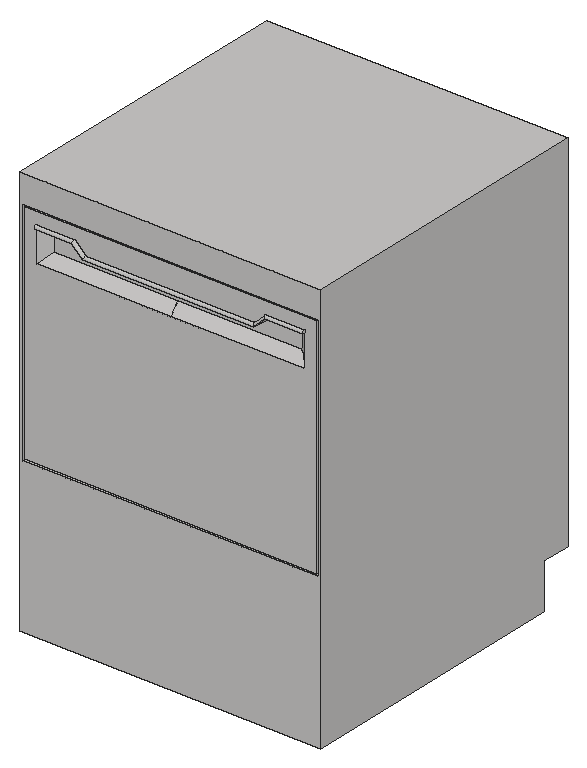
Revit family "QF_ELECTROLUXPROFESSIONAL_502718_ELAI3GTL", category Specialty Equipment, Revit 2018
Family settings
  Round Connector Dimension = Use Diameter
  Part Type = Normal
  Work Plane-Based = No
  Always vertical = Yes
  Cut with Voids When Loaded = No
  Shared = No
  Room Calculation Point = No
Parameters
  Weight = 68.00 kg
  Watts = 0 W
  Volts = 0 V
  URL Manufacturer = ""
  URL = "http://professional.electrolux.com/"
  Steam Supply Size = 0 mm
  Steam Supply Minimum Pressure = 0.0 Pa
  Steam Supply Maximum Pressure = 0.0 Pa
  Steam Pounds per Hour = 0
  Show Logo [instance] = yes
  Show Clearance [instance] = yes
  Refrigeration Suction Line Size = 0 mm
  Refrigeration Liquid Line Size = 0 mm
  Refrigerant Compressor Remote = yes
  Manufacturer = ""
  Phase = 0
  Model = ""
  Length Actual = 600 mm  # constant formula
  Item Number = ""
  Hot Water Size = 0 mm
  Height Actual = 820 mm  # constant formula
  HP = "7.2 HP"
  Gas Size = 0 mm
  Gas KW = 0
  Gas Input Pressure = 0 W
  Direct Waste Size = 20.5 mm
  Description = ""
  Depth Actual = 615 mm  # constant formula
  Cycle = 0 Hz
  Condensate Return Size = 0 mm
  Compressed Air Volume = 0.0 L/s
  Compressed Air Size = 0 mm
  Compressed Air Pressure = 0.0 Pa
  Cold Water Size = 0 mm
  Accessory = yes
Types (2, lengths in mm): name | Volts | URL Manufacturer | URL | Manufacturer | Phase | Model | Item Number | Hot Water Size | Description | Cycle
  (no name) | 0 V | "" | "http://professional.electrolux.com/" | "" | 0 | "" | "" | 0 | "" | 0 Hz
  Standard | 400 V | "http://professional.electrolux.com" | "http://professional.electrolux.com" | "Electrolux Professional" | 3 | "ELAI3GTL" | "502718" | 19.05 | "UNDERCOUNTER(L), WASH-SAFE, DOUBLE SKIN, 3PH, DP, DD, 720D/H - THERMAL LABEL" | 50 Hz
Reference planes
  plane 1 "Center (Front/Back)": y = 0
  plane 2: z = 0
  plane 3 "Center (Left/Right)": x = 0
  plane 4 "LEFT": x = -300
  plane 5 "RIGHT": x = 300
  plane 6 "FRONT": y = -307.5
  plane 7 "BACK": y = 307.5
  plane 8: z = 830
  plane 9: z = 10
  plane 10: y = 268.5
Forms (mm)
  Extrusion 1, solid, material "QF_Finishes_Stainless Steel"
    sketch origin (0, 0, 0) x (1, 0, 0) y (0, 1, 0)
      loop
        line (-300, -307.5) -> (300, -307.5) -> (300, 249.5) -> (-300, 249.5) -> (-300, -307.5)
    from 10 to 830
  Extrusion 2, solid, material "QF_Finishes_Stainless Steel"
    sketch origin (0, 0, 0) x (1, 0, 0) y (0, 1, 0)
      loop
        line (-300, 249.5) -> (300, 249.5) -> (300, 307.5) -> (-300, 307.5) -> (-300, 249.5)
    from 100 to 830
  Extrusion 3, solid, material "QF_Finishes_Stainless Steel"
    sketch origin (0, 0, 0) x (1, 0, 0) y (0, 1, 0)
      loop
        circle (-254, 193.5) r 12.5
      loop
        circle (254, 193.5) r 12.5
      loop
        circle (-254, -237.5) r 12.5
      loop
        circle (254, -237.5) r 12.5
    from 0 to 10
  Extrusion 4, void
    sketch origin (-300, -307.5, 0) x (-1, 0, 0) y (0, 0, 1)
      loop
        line (-5, 773.217) -> (-595, 773.217) -> (-595, 315.188) -> (-5, 315.188) -> (-5, 773.217)
    from 0 to 30
  Extrusion 5, solid, material "QF_Finishes_Stainless Steel"
    sketch origin (-274, -411, 733) x (0, 0, -1) y (1, 0, 0)
      loop
        circle (693, 143) r 10
    from -660.5 to -718.5
  Extrusion 6, solid, material "QF_Door-Drawer Clearances", visible <- "Show Clearance", detail levels coarse
    sketch origin (-230, -282.5, 0) x (0, 1, 0) y (0, 0, -1)
      loop
        line (-25, -319.312) -> (-397, -319.312)
        arc (-397, -319.312) -> (-298.139, -616.581) -> (-25, -770) r 434.302
        line (-25, -770) -> (-25, -319.312)
    from 61.225 to -521.647
  Extrusion 7, solid, material "QF_Finishes_Stainless Steel"
    sketch origin (-331.481, -411, 703) x (0, 0, -1) y (1, 0, 0)
      loop
        circle (663, 252.481) r 8
    from -660.5 to -718.5
  Extrusion 8, solid, material "QF_Finishes_Stainless Steel"
    sketch origin (-230, -282.5, 0) x (0, 1, 0) y (0, 0, -1)
      loop
        line (-25, -319.312) -> (-25, -770) -> (0, -770) -> (0, -319.312) -> (-25, -319.312)
    from 61.225 to -521.647
  Extrusion 9, solid, material "QF_Finishes_Stainless Steel"
    sketch origin (-301, 942.75, 760.5) x (0, -1, 0) y (1, 0, 0)
      loop
        circle (663, 158) r 8
    from -660.5 to -670.5
  Blend 10, void
    base sketch origin (-230, -307.5, 770) x (0, 0, -1) y (1, 0, 0)
      loop
        line (93.563, -37.311) -> (93.563, 230) -> (93.563, 497.311) -> (28.563, 497.311) -> (28.563, 422.311) -> (49.776, 401.098) -> (49.776, 230) -> (49.776, 58.902) -> (28.563, 37.689) -> (28.563, -37.311) -> (93.563, -37.311)
    top sketch origin (-230, -307.5, 770) x (0, 0, -1) y (1, 0, 0)
      loop
        line (73.563, -17.311) -> (73.563, 230) -> (73.563, 477.311) -> (31.063, 477.311) -> (31.063, 422.311) -> (52.276, 401.098) -> (52.276, 58.902) -> (31.063, 37.689) -> (31.063, -17.311) -> (73.563, -17.311)
    from 0 to -19.433
  Sweep 11, solid, material "QF_Finishes_Stainless Steel"
    path origin (-230, -307.5, 770) x (0, 0, -1) y (1, 0, 0)
      loop
        line (28.563, -37.311) -> (28.563, 37.689) -> (49.776, 58.902) -> (49.776, 401.098) -> (28.563, 422.311) -> (28.563, 497.311)
    profile origin (-229.811, -307.5, 741.437) x (0, 0, 1) y (0, -1, 0)
      loop
        line (0, 0) -> (5, 0)
        arc (5, 0) -> (3.536, 3.536) -> (0, 5) r 5
        arc (0, 5) -> (-0.037, 0.962) -> (-0.394, -3.06) r 51.04
        line (-0.394, -3.06) -> (0, 0)
Cuts and joins
  Extrusion 4 cuts Extrusion 1
  joined: Extrusion 1, Extrusion 2
  Blend 10 cuts Extrusion 8
Lines and regions (mm)
  Split face 1
    outline origin (-300, -307.5, 830) x (0, 0, -1) y (1, 0, 0)
      loop
        line (56.783, 5) -> (56.783, 0)
      loop
        line (56.783, 595) -> (56.783, 600)
      loop
        line (37.034, 600) -> (37.034, 514.297)
        arc (37.034, 514.297) -> (37.64, 511.25) -> (39.366, 508.667) r 7.962
        line (39.366, 508.667) -> (44.289, 503.744)
        arc (44.289, 503.744) -> (46.135, 500.982) -> (46.783, 497.723) r 8.515
        line (46.783, 497.723) -> (46.783, 87.277)
        arc (46.783, 87.277) -> (46.135, 84.018) -> (44.289, 81.256) r 8.515
        line (44.289, 81.256) -> (39.366, 76.333)
        arc (39.366, 76.333) -> (37.64, 73.75) -> (37.034, 70.703) r 7.962
        line (37.034, 70.703) -> (37.034, 0)
  Split face 2
    outline origin (-300, -307.5, 830) x (0, 0, -1) y (1, 0, 0)
      loop
        line (13.15, 274.82) -> (37.034, 274.82) -> (37.034, 325.18) -> (13.15, 325.18) -> (13.15, 274.82)
  symbolic lines
    curve 1: line (-300, 307.5, 0) -> (300, 307.5, 0)
    curve 2: line (-300, -307.5, 0) -> (-300, 307.5, 0)
    curve 3: line (300, -307.5, 0) -> (-300, -307.5, 0)
    curve 4: line (300, 307.5, 0) -> (300, -307.5, 0)
  symbolic lines, style "QF_Door-Drawer Clearances"
    curve 5: line (-291.225, -679.5, 0) -> (291.647, -679.5, 0)
    curve 6: line (291.647, -679.5, 0) -> (291.647, -307.5, 0)
    curve 7: line (-291.225, -679.5, 0) -> (-291.225, -307.5, 0)
  symbolic lines, style "SpecialityEquipmentHiddenLines"
    curve 8: line (-300, 249.5, 0) -> (300, 249.5, 0)
Dimensions and locks
  equal spacing: plane 4 "LEFT", plane 3 "Center (Left/Right)", plane 5 "RIGHT"
  equal spacing: plane 7 "BACK", plane 1 "Center (Front/Back)", plane 6 "FRONT"
  plane 7 "BACK" to plane 6 "FRONT" = 615 mm
  plane 4 "LEFT" to plane 5 "RIGHT" = 600 mm
  locked: plane 9 to level at 10
  plane 4 "LEFT" to plane 3 "Center (Left/Right)" = 300 mm
  plane 8 to level = 830 mm  (x2)
  Extrusion 9 sketch curve to plane 4 "LEFT" = 157 mm
  level to Extrusion 5 sketch curve = 40 mm
  Extrusion 5 sketch curve to plane 4 "LEFT" = 169 mm
  Extrusion 7 sketch curve to plane 4 "LEFT" = 221 mm
  level to Extrusion 7 sketch curve = 40 mm
  Extrusion 3 to cut or joined group of Extrusion 1, Extrusion 2, Extrusion 4 = 114 mm
  Extrusion 3 to Extrusion 3 = 431 mm
  plane 6 "FRONT" to Extrusion 3 = 70 mm
  plane 1 "Center (Front/Back)" to plane 6 "FRONT" = 307.5 mm
  locked: plane 7 "BACK" to plane 10 at 39
  plane 7 "BACK" to curve 5 = 987 mm
  Extrusion 8 to cut or joined group of Extrusion 1, Extrusion 2, Extrusion 4 = 454.812 mm
  aligned and locked: level to plane 2
  aligned and locked: Extrusion 1 sketch curve to plane 6 "FRONT"
  aligned and locked: Extrusion 1 sketch curve to plane 4 "LEFT"
  aligned and locked: plane 5 "RIGHT" to Extrusion 1 sketch curve
  aligned and locked: Extrusion 1 to plane 9
  aligned and locked: Extrusion 2 sketch curve to Extrusion 1
  aligned and locked: plane 7 "BACK" to Extrusion 2 sketch curve
  aligned and locked: plane 5 "RIGHT" to Extrusion 2 sketch curve
  aligned and locked: plane 9 to Extrusion 3
Automatic sketch dimensions
  Extrusion 1 sketch curve to plane 10 = 19 mm
  Extrusion 2 sketch curve to plane 10 = 19 mm
  plane 4 "LEFT" to Extrusion 3 sketch curve = 46 mm  (x2)
  Extrusion 3 sketch curve to plane 5 "RIGHT" = 46 mm  (x2)
  plane 6 "FRONT" to Extrusion 3 sketch curve = 70 mm  (x2)
  Extrusion 3 sketch curve to plane 10 = 75 mm  (x2)
  Extrusion 4 sketch curve to Extrusion 1 = 5 mm  (x2)
  Extrusion 4 sketch curve to Extrusion 1 = 305.188 mm
  Extrusion 4 sketch curve to Extrusion 1 = 56.783 mm
  Extrusion 8 sketch curve to plane 6 "FRONT" = 0 mm
  Extrusion 8 sketch curve to Extrusion 8 sketch curve = 25 mm
  Extrusion 8 sketch curve to plane 8 = 60 mm
  plane 9 to Extrusion 8 sketch curve = 309.312 mm
  cut or joined group of Extrusion 1, Extrusion 2, Extrusion 4 to Split face 1 sketch curve = 0 mm  (x2)
  Split face 1 sketch curve to cut or joined group of Extrusion 1, Extrusion 2, Extrusion 4 = 0 mm  (x6)
  cut or joined group of Extrusion 1, Extrusion 2, Extrusion 4 to Split face 1 sketch curve = 10 mm
  Split face 1 sketch curve to Split face 1 sketch curve = 2.494 mm  (x2)
  Split face 1 sketch curve to Split face 1 sketch curve = 8.515 mm  (x2)
  cut or joined group of Extrusion 1, Extrusion 2, Extrusion 4 to Split face 1 sketch curve = 11.786 mm  (x2)
  Split face 1 sketch curve to Split face 1 sketch curve = 5.63 mm  (x2)
  Split face 1 sketch curve to Split face 1 sketch curve = 2.332 mm  (x2)
  Split face 1 sketch curve to cut or joined group of Extrusion 1, Extrusion 2, Extrusion 4 = 65.703 mm
  Split face 1 sketch curve to Split face 1 sketch curve = 4.923 mm  (x2)
  Split face 1 sketch curve to cut or joined group of Extrusion 1, Extrusion 2, Extrusion 4 = 97.277 mm
  Split face 2 sketch curve to cut or joined group of Extrusion 1, Extrusion 2, Extrusion 4 = 13.15 mm
  cut or joined group of Extrusion 1, Extrusion 2, Extrusion 4 to Split face 2 sketch curve = 19.749 mm
  Split face 2 sketch curve to cut or joined group of Extrusion 1, Extrusion 2, Extrusion 4 = 269.82 mm
  Split face 2 sketch curve to Split face 2 sketch curve = 50.359 mm
  curve 1 to plane 4 "LEFT" = 0 mm
  curve 7 to plane 6 "FRONT" = 0 mm
  curve 4 to plane 5 "RIGHT" = 0 mm
  curve 8 to plane 10 = 19 mm
  curve 2 to plane 7 "BACK" = 0 mm
  plane 4 "LEFT" to curve 5 = 8.775 mm
  curve 6 to plane 5 "RIGHT" = 8.353 mm
  Extrusion 6 sketch curve to plane 6 "FRONT" = 0 mm
  plane 6 "FRONT" to Extrusion 6 sketch curve = 61.803 mm
  plane 9 to Extrusion 6 sketch curve = 330.118 mm
  Extrusion 6 sketch curve to Extrusion 6 sketch curve = 20.806 mm
  Extrusion 6 sketch curve to plane 6 "FRONT" = 372 mm
  Blend 10 sketch curve to Extrusion 8 = 28.563 mm  (x2)
  Blend 10 sketch curve to Extrusion 8 = 49.776 mm
  Blend 10 sketch curve to Blend 10 sketch curve = 65 mm
  Extrusion 8 to Blend 10 sketch curve = 23.913 mm
  Blend 10 sketch curve to Blend 10 sketch curve = 75 mm  (x2)
  Blend 10 sketch curve to Blend 10 sketch curve = 21.213 mm  (x5)
  Blend 10 sketch curve to Blend 10 sketch curve = 171.098 mm  (x2)
  Blend 10 sketch curve to Blend 10 sketch curve = 0 mm
  Extrusion 8 to Blend 10 sketch curve = 120.549 mm
  Extrusion 8 to Blend 10 sketch curve = 99.335 mm
  Extrusion 8 to Blend 10 sketch curve = 43.913 mm
  Blend 10 sketch curve to Blend 10 sketch curve = 42.5 mm
  Extrusion 8 to Blend 10 sketch curve = 44.335 mm
  Blend 10 sketch curve to Blend 10 sketch curve = 55 mm  (x2)
  Blend 10 sketch curve to Extrusion 8 = 31.063 mm
  Extrusion 8 to Sweep 11 sketch curve = 98.913 mm
  Sweep 11 sketch curve to Sweep 11 sketch curve = 21.213 mm  (x4)
  Extrusion 8 to Sweep 11 sketch curve = 23.913 mm
  Sweep 11 sketch curve to Extrusion 8 = 28.563 mm
  Extrusion 8 to Sweep 11 sketch curve = 99.335 mm
  Extrusion 8 to Sweep 11 sketch curve = 24.335 mm
  profile plane to Sweep 11 sketch curve = 0 mm  (x2)
  Sweep 11 sketch curve to profile plane = 0 mm
  profile plane to Sweep 11 sketch curve = 3.452 mm
  Sweep 11 sketch curve to Sweep 11 sketch curve = 5 mm
  profile plane to Sweep 11 sketch curve = 0.394 mm
  Sweep 11 sketch curve to profile plane = 3.06 mm
  plane 10 to Extrusion 9 sketch curve = 11.25 mm
  radius of Extrusion 3 sketch curve = 12.5 mm  (x4)
  radius of Extrusion 5 sketch curve = 10 mm
  radius of Extrusion 7 sketch curve = 8 mm
  radius of Extrusion 9 sketch curve = 8 mm
Connectors
  piping at (-131, 307.5, 40), diameter 20
    settings: on Extrusion 5, index 1, connector inside diameter 609.6 mm, connector length 0 mm, flow factor 0, pipe flow 0.0 L/s, pressure drop 0.0 Pa, fitting loss kfactor 0, connector angle 0.00°, fixture units 0, engagement length 0 mm, angle of deflection 0.00°, flow configuration 1, flow direction 1, fitting loss method 0, system type 16, joint type 0, gender type 0, connector reference index -1, connector utility 0, adjustable connector no, is connector primary yes, connector description "Drain"
  piping at (-79, 307.5, 40), diameter 16
    settings: on Extrusion 7, index 3, connector inside diameter 609.6 mm, connector length 0 mm, flow factor 0, pipe flow 0.0 L/s, pressure drop 0.0 Pa, fitting loss kfactor 0, connector angle 0.00°, fixture units 0, engagement length 0 mm, angle of deflection 0.00°, flow configuration 1, flow direction 1, fitting loss method 0, system type 20, joint type 0, gender type 0, connector reference index -1, connector utility 0, adjustable connector no, is connector primary no, connector description "Cold Water Inlet"
  electrical at (-143, 279.75, 90), driven by "Volts"
    settings: on Extrusion 9, index 4, voltage 0 V, apparent load 0 VA, apparent load phase1 0 VA, apparent load phase2 0 VA, apparent load phase3 0 VA, power factor 1, load classification "Altro", number of poles 1, system type 31, power factor state 1, is connector primary yes, connector utility no, sub classification motor no, connector description "Electrical Connection"
